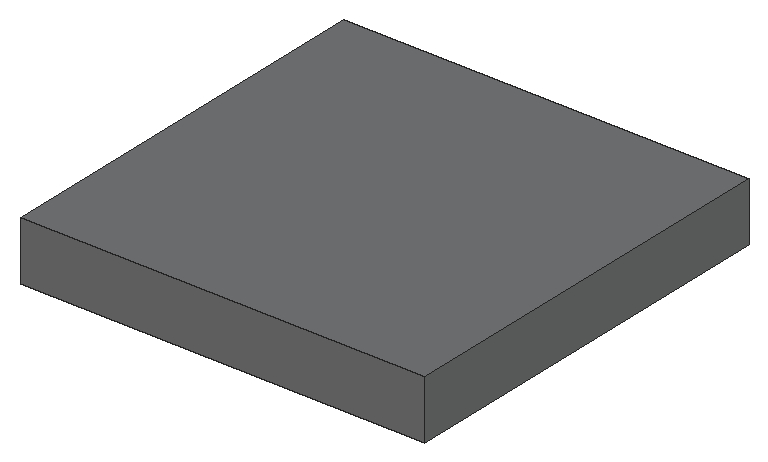
Revit family "Gira_5366005", category Electrical Fixtures, host Face, Revit 2017
Family settings
  Host = Face
  Maintain Annotation Orientation = No
  Round Connector Dimension = Use Diameter
  Part Type = Normal
  Cut with Voids When Loaded = No
  Shared = No
  Room Calculation Point = No
Parameters (values of type "S3000 blind timer + timer Display System 55 black m")
  With cover = "Yes"
  With LED indication = "Yes"
  URL = "http://katalog.gira.de/en/datenblatt.html?artikelnr=5366005"
  Transparent = "No"
  Suitable for application with venetian shutter switch = "Yes"
  Suitable for application with switch = "No"
  Suitable for application with dimmer = "No"
  Number of buttons = "2"
  Number of actuation points = "4"
  Name = "S3000 blind timer + timer Display System 55 black m"
  Manufacturer URL = "https://www.gira.de/"
  Manufacturer = "Gira"
  Keynote = ""
  HeinzeBIM = "https://bimportal.heinze.de/bim/s3000-blind-timer-timer-display-system-55-black-m/8ad49dbb2f7ff977068562e436dac12d7f3efdde"
  HAN = "5366005"
  GTIN = "4010337037484"
  Description = "S3000 blind tim. tim.Displ. Sys55 BKm,System 3000 blind timer and timer Display,,black matt,Features:,- Operation via capacitive sensor surface.,- Fast programming for adopting the current time as the programmed movement time switching time.,- Automatic summer winter time switchover, deactivatable.,- Switching at sunrise or sunset (astro function) adjustable for 18 countries.,- Astro time for sunrise and sunset can be individually adjusted by +-2 hours.,- The blocking function blocks operation of the auxiliary unit and deactivates automatic mode.,- The display turns off after 2 minutes, permanent display of time is possible.,- Programming of one raising and one lowering time or two switch-on and switch-off times for each day in week segments Mon-Fri and Sat+Sun."
  Default Elevation = 1219.2 mm
  Data sheet (1) = "https://katalog.gira.de/en/download.html?artikelnr=5366005"
  Category = "Intelligent control element"
  BIM (1) = "https://media.stage.bim.site/public/gira/36a6b08/Sys55_Abdeckung_Schalten und Tasten.rfa?public/gira/36a6b08/Sys55_Abdeckung_Schalten und Tasten.rfa"
  Available = "No"
  Application = "Control of electrical users"
  Anthrazit [instance] = Anthrazit
Reference planes
  plane 1 "Center (Front/Back)": y = 0
  plane 2: z = 0
  plane 3 "Center (Left/Right)": x = 0
Forms (mm)
  Extrusion 1, solid, material "Anthrazit" <- "Anthrazit", detail levels fine
    sketch origin (0, 0, 0) x (1, 0, 0) y (0, 1, 0)
      loop
        line (-27.5, 27.5) -> (-27.5, -27.5) -> (27.5, -27.5) -> (27.5, 27.5) -> (-27.5, 27.5)
    from 0 to 8
  Extrusion 2, void
    sketch origin (0, 0, 0) x (1, 0, 0) y (0, 1, 0)
      loop
        line (26, 26) -> (-26, 26) -> (-26, -26) -> (26, -26) -> (26, 26)
    from 0 to 6
  Extrusion 3, solid, material "Anthrazit" <- "Anthrazit", detail levels medium
    sketch origin (0, 0, 0) x (1, 0, 0) y (0, 1, 0)
      loop
        line (-27.5, 27.5) -> (-27.5, -27.5) -> (27.5, -27.5) -> (27.5, 27.5) -> (-27.5, 27.5)
    from 0 to 8
  Extrusion 4, solid, material "Anthrazit" <- "Anthrazit", detail levels medium
    sketch origin (0, 0, 0) x (1, 0, 0) y (0, 1, 0)
      loop
        line (11, -17.5) -> (11, 17.5) -> (-11, 17.5) -> (-11, -17.5) -> (11, -17.5)
    from -6 to 6
  Extrusion 5, solid, material "Anthrazit" <- "Anthrazit", detail levels fine
    sketch origin (0, 0, 0) x (1, 0, 0) y (0, 1, 0)
      loop
        line (11, 17.5) -> (-11, 17.5) -> (-11, 16.5) -> (11, 16.5) -> (11, 17.5)
      loop
        line (-11, -16.5) -> (-11, -17.5) -> (11, -17.5) -> (11, -16.5) -> (-11, -16.5)
    from -4 to 6
  Extrusion 6, solid, material "Anthrazit" <- "Anthrazit", detail levels fine
    sketch origin (0, 0, 0) x (1, 0, 0) y (0, 1, 0)
      loop
        arc (5, 9.347) -> (0, 10.6) -> (-5, 9.347) r 10.6
        line (-5, 9.347) -> (-5, -9.347)
        arc (-5, -9.347) -> (0, -10.6) -> (5, -9.347) r 10.6
        line (5, -9.347) -> (5, 9.347)
    from -6 to 6
  Extrusion 7, solid, material "Anthrazit" <- "Anthrazit", detail levels coarse
    sketch origin (0, 0, 0) x (1, 0, 0) y (0, 1, 0)
      loop
        line (-27.5, 27.5) -> (-27.5, -27.5) -> (27.5, -27.5) -> (27.5, 27.5) -> (-27.5, 27.5)
    from -6 to 8
Cuts and joins
  Extrusion 2 cuts Extrusion 1
Dimensions and locks
  aligned and locked: plane 2 to host face
  aligned and locked: level to host face
